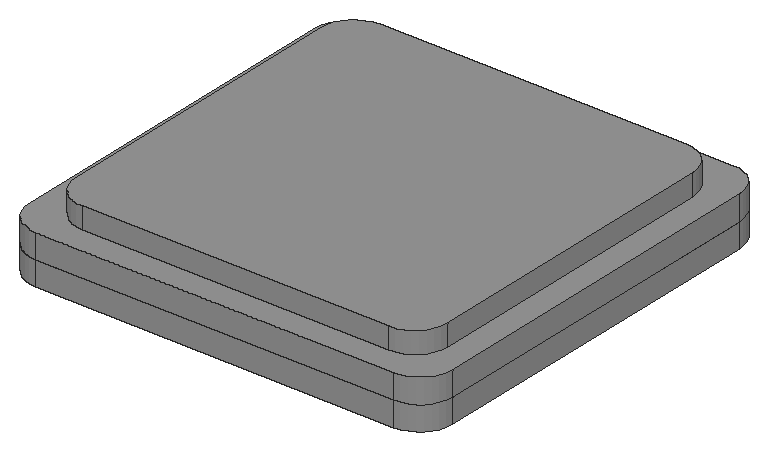
Revit family "FMS2_63_UN_Surface-mounted_ETK", category Lighting Fixtures, Revit 2019 (continued)
Definition of nested family "FMS.2 - Lightsource"
  Types (14, lengths in mm): name | Wattage Comments | Wattage | built-in parameter 1150134 | Photometric Web File | built-in parameter 1150142 | built-in parameter 1150105 | Lumens | built-in parameter 1150107 | built-in parameter 1150106 | Apparent Load
      06\t568.9656\t562.0968\t554.9418\t548.073\t541.2042\t534.0492\t527.1804\t519.1668\r\n511.4394\t503.9982\t496.2708\t488.5434\t480.816\t473.0886\t465.3612\t457.6338\t449.9064\t442.179\r\n434.4516\t426.7242\t418.9968\t411.2694\t403.542\t395.8146\t388.0872\t380.3598\t372.3462\t364.3326\r\n356.319\t348.3054\t340.2918\t332.5644\t324.5508\t316.5372\t308.5236\t300.7962\t292.7826\t284.8835\r\n276.9844\t269.0852\t261.1861\t253.3156\t245.4451\t237.5746\t230.391\t223.236\t216.081\t208.9546\r\n201.8282\t194.7019\t187.6041\t180.4777\t173.38\t166.2822\t159.1844\t152.1153\t145.0175\t137.9484\r\n130.9079\t123.8387\t116.7982\t107.6112\t94.7036\t81.796\t68.8597\t55.9521\t43.0445\t30.1369\r\n17.2264\t4.3159\t0\t0\t0\t0\t0\t0\t0\t0\r\n0\r\n985.1004\t983.9556\t982.5246\t981.666\t980.5212\t979.9488\t979.0902\t978.2316\t977.6592\t977.0868\r\n976.2282\t975.3696\t973.9386\t972.7938\t971.649\t970.5042\t969.3594\t968.2146\t967.0698\t965.6388\r\n964.494\t963.063\t961.632\t960.4872\t959.3424\t957.0528\t954.1908\t951.3288\t948.4668\t945.3186\r\n941.8842\t938.736\t935.5878\t932.7258\t929.8638\t927.0018\t923.8536\t920.7054\t917.271\t913.8366\r\n910.6884\t907.5402\t904.6782\t901.2438\t897.8094\t894.375\t890.6544\t887.5062\t884.0718\t879.4926\r\n875.1996\t870.3342\t865.4688\t860.8896\t856.0242\t850.8726\t846.0072\t841.1418\t836.2764\t831.411\r\n826.8318\t821.9664\t817.101\t812.2356\t807.3702\t802.2186\t797.3532\t792.4878\t787.6224\t782.757\r\n777.8916\t772.1676\t766.1574\t759.861\t753.5646\t747.5544\t741.258\t734.9616\t728.6652\t722.655\r\n716.3586\t710.0622\t703.7658\t697.4694\t690.8868\t684.5904\t678.294\t671.9976\t665.9874\t659.9772\r\n653.6808\t647.6706\t640.8018\t633.3606\t626.2056\t619.0506\t611.8956\t604.7406\t597.5856\t590.4306\r\n583.2756\t576.1206\t568.9656\t561.8106\t554.6556\t547.5006\t540.3456\t533.1906\t526.3218\t519.1668\r\n512.0118\t505.143\t497.4156\t489.6882\t481.9608\t474.2334\t466.2198\t458.4924\t450.4788\t442.7514\r\n435.024\t427.0104\t419.283\t411.2694\t403.542\t395.8146\t387.801\t380.0736\t372.3462\t364.6188\r\n356.8914\t348.8778\t340.8642\t332.8506\t324.837\t316.8234\t309.096\t301.0824\t293.355\t285.3986\r\n277.5281\t269.6863\t261.8444\t254.0311\t246.1892\t238.376\t230.5913\t222.9212\t215.852\t208.7543\r\n201.7138\t194.6446\t187.6041\t180.5636\t173.5517\t166.5398\t159.5279\t152.5446\t145.5613\t138.578\r\n131.6234\t124.6401\t117.7141\t110.7594\t101.1717\t88.2068\t75.242\t62.2771\t49.3123\t36.3474\r\n23.3682\t10.3976\t0\t0\t0\t0\t0\t0\t0\t0\r\n0\r\n985.1004\t983.9556\t982.5246\t981.666\t980.8074\t980.235\t979.3764\t978.804\t978.2316\t977.373\r\n976.5144\t975.0834\t973.9386\t972.7938\t971.649\t970.5042\t969.3594\t967.9284\t966.7836\t965.3526\r\n964.2078\t962.7768\t961.632\t960.201\t958.77\t957.339\t955.0494\t951.615\t948.4668\t945.6048\r\n943.029\t940.4532\t937.305\t933.8706\t930.7224\t927.288\t924.1398\t920.9916\t917.8434\t914.409\r\n910.9746\t907.5402\t904.1058\t900.6714\t897.237\t893.8026\t890.3682\t886.9338\t883.2132\t879.2064\r\n875.1996\t871.1928\t866.6136\t861.7482\t857.169\t852.3036\t847.4382\t842.5728\t837.4212\t832.2696\r\n827.118\t821.9664\t817.101\t811.9494\t807.084\t801.9324\t796.7808\t791.6292\t786.4776\t781.326\r\n776.4606\t771.309\t766.1574\t760.7196\t755.568\t748.9854\t742.689\t736.3926\t729.81\t723.5136\r\n717.2172\t710.9208\t704.6244\t698.0418\t691.4592\t684.8766\t678.5802\t671.9976\t665.415\t659.1186\r\n652.536\t645.9534\t639.3708\t633.0744\t626.4918\t620.1954\t613.3266\t606.4578\t599.3028\t591.8616\r\n584.4204\t577.2654\t569.8242\t562.383\t554.9418\t547.7868\t540.3456\t532.9044\t525.7494\t518.5944\r\n511.4394\t504.2844\t497.1294\t489.6882\t482.5332\t475.092\t467.0784\t459.0648\t451.3374\t443.3238\r\n435.5964\t427.5828\t419.8554\t411.8418\t404.1144\t396.1008\t388.3734\t380.646\t372.6324\t364.905\r\n357.1776\t349.164\t341.4366\t333.423\t325.6956\t317.682\t309.6684\t301.6548\t293.9274\t286.0283\r\n278.1292\t270.2873\t262.4454\t254.6321\t246.8475\t239.0629\t231.3068\t223.5508\t215.8234\t208.2105\r\n201.2272\t194.2439\t187.2893\t180.3632\t173.4372\t166.5398\t159.6424\t152.7736\t145.8761\t139.036\r\n132.1672\t125.327\t118.5154\t111.7039\t104.8923\t95.7053\t82.6259\t69.5752\t56.5245\t43.4738\r\n30.4231\t17.3781\t4.3273\t0\t0\t0\t0\t0\t0\t0\r\n0\r\n985.1004\t983.9556\t982.5246\t981.666\t981.0936\t980.5212\t979.6626\t979.0902\t978.5178\t977.6592\r\n976.5144\t975.0834\t973.9386\t972.7938\t971.649\t970.5042\t969.3594\t967.9284\t966.4974\t965.3526\r\n963.9216\t962.4906\t961.0596\t959.3424\t957.339\t955.3356\t953.6184\t952.1874\t951.0426\t948.1806\r\n944.7462\t941.598\t938.1636\t935.0154\t931.8672\t928.719\t925.2846\t921.8502\t918.1296\t914.6952\r\n910.9746\t907.5402\t904.1058\t900.6714\t896.9508\t892.944\t889.2234\t885.5028\t881.7822\t878.3478\r\n874.6272\t870.6204\t866.8998\t862.6068\t858.3138\t853.7346\t848.583\t843.7176\t838.566\t833.1282\r\n827.9766\t822.825\t817.6734\t812.5218\t807.6564\t801.9324\t796.4946\t791.0568\t785.619\t780.1812\r\n775.0296\t769.5918\t764.4402\t759.2886\t753.8508\t748.413\t742.689\t737.2512\t731.8134\t726.0894\r\n719.5068\t712.9242\t706.3416\t699.4728\t692.8902\t686.3076\t679.4388\t672.8562\t666.2736\t659.691\r\n652.8222\t646.2396\t639.3708\t632.502\t625.9194\t619.0506\t612.468\t606.1716\t599.3028\t592.7202\r\n585.8514\t578.124\t570.6828\t563.2416\t555.8004\t548.3592\t540.918\t533.4768\t526.3218\t518.8806\r\n511.4394\t503.9982\t496.557\t489.402\t481.9608\t474.5196\t467.0784\t459.9234\t452.4822\t445.041\r\n437.0274\t429.0138\t421.0002\t412.9866\t404.973\t396.9594\t388.9458\t380.9322\t373.2048\t365.1912\r\n357.4638\t349.4502\t341.4366\t333.7092\t325.6956\t317.9682\t309.9546\t301.941\t294.2136\t286.2\r\n278.4154\t270.6021\t262.7888\t255.0328\t247.2768\t239.5494\t231.8506\t224.1805\t216.5103\t208.8688\r\n201.2558\t193.6429\t186.7169\t179.9053\t173.0938\t166.3108\t159.5565\t152.8022\t146.0479\t139.3222\r\n132.6251\t125.928\t119.2309\t112.5625\t105.9226\t99.2828\t91.2406\t78.0467\t64.8529\t51.6877\r\n38.4939\t25.3144\t12.1292\t0\t0\t0\t0\t0\t0\t0\r\n0\r\n985.1004\t983.9556\t982.8108\t981.666\t981.3798\t980.8074\t980.235\t979.6626\t979.0902\t977.6592\r\n976.5144\t975.3696\t974.2248\t973.08\t971.9352\t970.7904\t969.3594\t967.9284\t966.4974\t965.0664\r\n963.6354\t962.2044\t960.201\t957.9114\t956.1942\t955.0494\t953.6184\t951.9012\t949.6116\t947.6082\r\n945.6048\t943.3152\t940.167\t937.0188\t933.5844\t929.8638\t926.1432\t922.4226\t918.9882\t915.5538\r\n912.1194\t908.3988\t904.392\t900.9576\t897.237\t893.5164\t889.5096\t885.789\t881.7822\t877.4892\r\n873.1962\t869.1894\t865.1826\t860.8896\t856.5966\t852.3036\t848.0106\t844.0038\t839.997\t835.704\r\n830.2662\t824.5422\t819.1044\t813.3804\t807.9426\t802.5048\t797.3532\t791.9154\t786.4776\t781.0398\r\n775.3158\t769.878\t764.154\t758.7162\t752.9922\t747.2682\t741.5442\t735.8202\t730.0962\t724.3722\r\n718.6482\t712.9242\t707.2002\t701.4762\t695.7522\t688.5972\t681.4422\t674.2872\t667.4184\t660.8358\r\n654.2532\t647.3844\t640.5156\t633.3606\t626.4918\t619.3368\t612.468\t605.313\t598.4442\t591.5754\r\n584.7066\t577.8378\t570.6828\t563.814\t556.9452\t550.0764\t542.349\t534.9078\t527.4666\t519.7392\r\n512.298\t504.5706\t496.8432\t489.1158\t481.3884\t473.9472\t466.506\t459.0648\t451.6236\t444.1824\r\n436.7412\t429.3\t421.8588\t414.4176\t406.404\t398.1042\t390.0906\t382.077\t374.0634\t366.0498\r\n358.0362\t350.0226\t342.009\t333.9954\t325.9818\t318.2544\t310.2408\t302.5134\t294.4998\t286.7724\r\n278.9019\t271.0886\t263.304\t255.548\t247.8492\t240.1504\t232.4803\t224.8387\t217.1972\t209.6129\r\n202.0572\t194.5301\t187.0317\t179.5619\t172.3783\t165.7098\t159.0413\t152.4301\t145.8189\t139.2363\r\n132.6823\t126.157\t119.6316\t113.1349\t106.6381\t100.17\t93.7305\t87.291\t74.412\t61.0178\r\n47.6523\t34.2868\t20.9069\t7.5271\t0\t0\t0\t0\t0\t0\r\n0\r\n985.1004\t983.9556\t982.8108\t981.9522\t981.666\t981.0936\t980.5212\t980.235\t979.0902\t977.9454\r\n976.8006\t975.6558\t974.511\t973.3662\t972.2214\t971.0766\t969.6456\t968.2146\t966.7836\t965.3526\r\n963.3492\t961.3458\t959.3424\t957.9114\t956.4804\t954.7632\t952.7598\t950.4702\t948.4668\t946.4634\r\n944.46\t942.4566\t940.167\t937.305\t934.443\t931.2948\t927.8604\t924.7122\t920.9916\t917.271\r\n913.5504\t909.8298\t906.1092\t902.1024\t898.0956\t894.0888\t890.082\t885.789\t881.7822\t877.4892\r\n873.4824\t868.9032\t864.6102\t860.3172\t856.3104\t851.7312\t847.152\t842.5728\t837.9936\t833.1282\r\n828.549\t823.9698\t819.6768\t815.0976\t810.5184\t805.653\t799.929\t794.205\t788.1948\t782.4708\r\n776.7468\t771.0228\t765.0126\t759.2886\t752.9922\t746.982\t741.258\t735.2478\t729.5238\t723.2274\r\n717.2172\t711.207\t705.483\t699.759\t693.7488\t687.4524\t681.4422\t675.1458\t668.8494\t662.553\r\n656.2566\t649.674\t642.519\t635.364\t628.209\t621.054\t613.899\t606.744\t599.589\t592.7202\r\n585.5652\t578.124\t570.6828\t563.2416\t556.0866\t548.9316\t542.0628\t534.9078\t527.7528\t520.5978\r\n513.1566\t506.0016\t498.2742\t490.5468\t482.8194\t475.092\t467.3646\t459.351\t451.6236\t443.8962\r\n436.1688\t428.7276\t421.0002\t413.559\t405.8316\t398.1042\t390.663\t382.9356\t375.4944\t367.767\r\n359.4672\t351.1674\t343.1538\t335.1402\t326.8404\t318.8268\t310.8132\t302.7996\t295.0722\t287.0586\r\n279.1309\t271.3176\t263.533\t255.7769\t248.0782\t240.408\t232.7665\t225.1822\t217.6265\t210.128\r\n202.6582\t195.217\t187.8331\t180.4777\t173.151\t165.8529\t158.612\t151.8291\t145.361\t138.9501\r\n132.5392\t126.157\t119.8033\t113.4783\t107.1533\t100.8569\t94.5891\t88.3499\t82.1394\t71.8362\r\n58.1558\t44.5041\t30.8237\t17.1548\t3.4802\t0\t0\t0\t0\t0\r\n0\r\n985.1004\t983.9556\t982.8108\t982.2384\t981.9522\t981.3798\t981.0936\t980.5212\t979.3764\t978.2316\r\n977.0868\t975.942\t974.7972\t973.6524\t972.5076\t971.0766\t969.6456\t968.2146\t966.7836\t965.0664\r\n963.063\t961.0596\t959.6286\t958.1976\t956.1942\t954.1908\t951.9012\t949.8978\t947.8944\t945.6048\r\n943.6014\t940.7394\t938.1636\t935.5878\t933.2982\t930.7224\t928.1466\t925.5708\t922.7088\t919.8468\r\n916.1262\t912.1194\t907.8264\t904.1058\t900.099\t895.806\t891.513\t887.5062\t883.2132\t878.634\r\n874.341\t870.048\t865.4688\t860.8896\t856.3104\t851.7312\t846.8658\t842.2866\t837.7074\t832.842\r\n828.2628\t823.6836\t818.532\t813.6666\t808.515\t803.6496\t798.498\t793.3464\t788.481\t783.0432\r\n777.6054\t772.1676\t767.016\t761.292\t755.2818\t748.9854\t742.9752\t736.965\t731.241\t724.6584\r\n718.0758\t711.7794\t705.483\t699.1866\t692.604\t686.0214\t679.725\t673.4286\t667.4184\t660.8358\r\n654.2532\t647.9568\t641.6604\t635.364\t628.7814\t622.1988\t615.33\t608.7474\t602.1648\t595.0098\r\n587.8548\t580.4136\t572.9724\t565.245\t557.8038\t550.3626\t542.6352\t535.194\t527.7528\t520.0254\r\n512.5842\t505.4292\t498.2742\t490.5468\t482.8194\t475.3782\t467.937\t460.4958\t453.3408\t445.6134\r\n437.5998\t429.5862\t421.5726\t413.559\t405.5454\t397.5318\t389.8044\t381.7908\t374.0634\t366.6222\r\n358.8948\t351.4536\t343.7262\t335.9988\t328.2714\t320.2578\t312.2442\t303.9444\t295.9308\t287.9172\r\n279.9036\t271.9472\t264.0481\t256.2349\t248.4788\t240.7801\t233.1099\t225.5256\t217.9413\t210.4715\r\n203.0589\t195.6749\t188.3482\t181.0787\t173.8379\t166.6256\t159.4993\t152.4015\t145.361\t138.3491\r\n131.8237\t125.6132\t119.4313\t113.278\t107.1533\t101.0858\t95.047\t89.0082\t83.0266\t77.045\r\n70.4624\t56.3528\t42.2431\t28.1277\t14.0009\t0\t0\t0\t0\t0\r\n0\r\n985.1004\t983.9556\t982.8108\t982.5246\t982.2384\t981.666\t981.3798\t980.8074\t979.6626\t978.5178\r\n977.373\t976.2282\t975.3696\t974.2248\t973.08\t971.649\t970.218\t968.787\t967.0698\t965.0664\r\n963.063\t961.632\t960.201\t958.1976\t955.908\t953.9046\t951.9012\t949.6116\t947.322\t945.0324\r\n942.4566\t939.8808\t937.305\t935.0154\t932.4396\t929.5776\t927.0018\t924.1398\t921.2778\t917.8434\r\n914.6952\t911.547\t908.3988\t905.2506\t901.8162\t898.3818\t894.375\t890.082\t885.5028\t881.2098\r\n876.6306\t872.0514\t867.4722\t862.893\t858.0276\t853.4484\t848.583\t843.7176\t838.8522\t833.9868\r\n829.1214\t823.9698\t818.8182\t813.3804\t808.2288\t802.791\t797.6394\t792.4878\t787.05\t781.6122\r\n776.1744\t770.7366\t765.2988\t760.1472\t754.7094\t748.6992\t742.9752\t737.2512\t731.8134\t725.8032\r\n719.793\t713.4966\t707.7726\t701.4762\t694.6074\t687.7386\t680.8698\t674.5734\t668.277\t661.4082\r\n654.8256\t647.9568\t640.8018\t633.933\t627.3504\t620.4816\t613.899\t607.0302\t600.1614\t593.2926\r\n586.4238\t579.555\t572.6862\t565.8174\t558.9486\t552.0798\t545.211\t538.3422\t530.901\t523.1736\r\n515.4462\t507.7188\t499.7052\t491.6916\t483.9642\t475.9506\t468.2232\t460.4958\t452.7684\t445.041\r\n437.3136\t429.8724\t422.145\t414.1314\t406.404\t398.6766\t391.2354\t383.2218\t375.2082\t367.1946\r\n359.181\t351.1674\t343.44\t335.4264\t327.4128\t319.6854\t311.958\t304.2306\t296.5032\t288.7758\r\n281.1056\t273.55\t265.4505\t257.4083\t249.4233\t241.5242\t233.6537\t225.9263\t218.2561\t210.6718\r\n203.1448\t195.6749\t188.2624\t180.9929\t173.8379\t166.7687\t159.7855\t152.8594\t146.0192\t139.2077\r\n132.482\t125.7849\t119.1451\t112.8487\t106.8671\t100.9427\t95.0756\t89.2658\t83.4845\t77.7319\r\n72.0079\t66.3125\t55.8376\t41.0411\t26.2102\t11.3679\t0\t0\t0\t0\r\n0\r\n985.1004\t983.9556\t982.8108\t982.5246\t982.5246\t982.2384\t981.9522\t981.0936\t979.9488\t979.0902\r\n977.9454\t976.8006\t975.942\t975.0834\t973.3662\t972.2214\t970.7904\t969.3594\t967.356\t965.3526\r\n963.6354\t962.2044\t960.201\t958.1976\t956.1942\t953.9046\t951.9012\t949.6116\t947.322\t944.7462\r\n942.1704\t939.8808\t937.5912\t934.7292\t931.8672\t929.0052\t926.1432\t922.995\t919.8468\t916.6986\r\n913.2642\t910.116\t906.6816\t903.5334\t899.8128\t896.3784\t892.6578\t888.651\t884.9304\t881.2098\r\n877.203\t873.4824\t869.1894\t865.1826\t860.8896\t856.5966\t851.7312\t846.5796\t841.7142\t836.5626\r\n831.411\t825.687\t820.2492\t815.3838\t810.2322\t805.0806\t799.3566\t793.9188\t788.481\t782.757\r\n777.033\t771.5952\t765.8712\t760.1472\t754.4232\t748.6992\t742.4028\t736.1064\t730.0962\t724.3722\r\n718.362\t711.7794\t705.483\t699.759\t693.7488\t687.4524\t681.4422\t674.8596\t668.5632\t661.9806\r\n655.6842\t649.3878\t642.8052\t636.5088\t629.64\t622.485\t615.33\t608.4612\t601.3062\t594.1512\r\n586.71\t579.555\t572.1138\t564.9588\t557.8038\t550.6488\t543.4938\t536.0526\t528.6114\t521.1702\r\n514.0152\t506.8602\t499.7052\t492.264\t484.8228\t477.6678\t470.5128\t463.0716\t455.9166\t448.4754\r\n440.1756\t431.8758\t423.8622\t415.5624\t407.5488\t399.8214\t391.8078\t383.7942\t375.4944\t367.4808\r\n359.4672\t351.4536\t343.7262\t335.9988\t328.2714\t320.544\t312.5304\t304.5168\t296.5032\t288.4896\r\n280.5905\t272.72\t264.9067\t257.2079\t249.4519\t241.8104\t234.2833\t226.8994\t219.6299\t211.9025\r\n204.2037\t196.5622\t189.0351\t181.5939\t174.2958\t167.0836\t159.9572\t152.9453\t146.0479\t139.3222\r\n132.6537\t126.0425\t119.5171\t113.1062\t106.724\t100.4276\t94.3315\t88.722\t83.1983\t77.7319\r\n72.2941\t66.9136\t61.5616\t56.2383\t41.2987\t25.2629\t9.2013\t0\t0\t0\r\n0\r\n985.1004\t983.9556\t983.097\t982.8108\t982.8108\t982.5246\t982.2384\t981.666\t980.5212\t979.3764\r\n978.5178\t977.6592\t976.8006\t975.6558\t974.2248\t972.7938\t971.3628\t969.9318\t967.9284\t965.925\r\n964.494\t962.7768\t960.7734\t958.77\t956.4804\t954.477\t952.4736\t950.184\t947.6082\t945.3186\r\n942.7428\t940.4532\t937.5912\t935.0154\t932.1534\t929.2914\t926.1432\t922.7088\t919.5606\t916.1262\r\n912.978\t909.8298\t906.3954\t902.6748\t898.9542\t895.2336\t891.2268\t887.5062\t883.4994\t879.4926\r\n875.4858\t871.1928\t867.186\t862.893\t858.6\t854.307\t850.014\t845.4348\t840.8556\t835.704\r\n830.5524\t825.9732\t821.9664\t817.101\t812.2356\t807.084\t802.2186\t797.067\t791.6292\t786.1914\r\n780.7536\t775.0296\t769.3056\t763.2954\t756.7128\t750.4164\t744.4062\t738.6822\t732.3858\t725.8032\r\n719.793\t713.4966\t707.2002\t700.9038\t694.6074\t688.0248\t681.7284\t675.1458\t668.5632\t661.9806\r\n655.1118\t648.5292\t641.9466\t635.0778\t628.4952\t621.6264\t614.7576\t607.8888\t601.02\t593.865\r\n586.9962\t579.8412\t573.2586\t566.1036\t558.9486\t551.7936\t544.6386\t537.4836\t530.0424\t522.8874\r\n515.4462\t508.005\t500.2776\t492.5502\t484.8228\t477.0954\t469.368\t461.6406\t453.9132\t446.472\r\n438.7446\t431.0172\t423.0036\t414.99\t407.5488\t399.8214\t392.094\t384.6528\t376.9254\t369.4842\r\n361.7568\t354.0294\t346.302\t338.0022\t329.7024\t321.4026\t313.389\t305.0892\t297.0756\t288.7758\r\n280.9625\t273.1779\t265.4791\t257.6659\t249.9098\t242.2397\t234.5409\t226.6418\t218.9144\t211.3301\r\n203.8316\t196.4191\t189.121\t181.9087\t174.8396\t167.9135\t160.8444\t153.718\t146.7061\t139.8087\r\n133.0544\t126.4432\t119.9464\t113.5069\t107.2678\t101.1145\t95.0756\t89.1513\t83.3128\t77.5602\r\n72.2369\t67.0567\t61.9337\t56.8966\t51.8881\t43.9317\t25.7237\t7.4355\t0\t0\r\n0\r\n985.1004\t984.2418\t983.097\t983.097\t983.097\t983.097\t982.8108\t981.9522\t981.0936\t979.9488\r\n979.0902\t978.2316\t977.6592\t976.2282\t974.7972\t973.6524\t972.2214\t970.5042\t968.787\t967.0698\r\n965.6388\t963.6354\t961.632\t959.6286\t957.6252\t955.3356\t953.3322\t951.0426\t948.753\t946.4634\r\n943.8876\t941.3118\t938.4498\t935.874\t933.012\t929.8638\t926.7156\t923.2812\t920.133\t916.6986\r\n913.5504\t910.4022\t906.6816\t902.961\t899.2404\t895.2336\t891.513\t887.5062\t883.4994\t879.2064\r\n874.9134\t870.9066\t866.6136\t862.3206\t858.0276\t853.7346\t848.8692\t844.29\t839.1384\t833.9868\r\n829.4076\t824.8284\t819.963\t815.0976\t809.946\t805.0806\t799.6428\t794.205\t789.0534\t783.9018\r\n778.464\t773.0262\t767.3022\t761.292\t755.568\t749.844\t744.12\t738.396\t732.3858\t726.6618\r\n720.6516\t714.6414\t708.6312\t702.9072\t697.1832\t690.8868\t684.5904\t678.0078\t671.7114\t665.7012\r\n659.4048\t652.8222\t645.6672\t638.5122\t631.6434\t624.7746\t617.9058\t610.7508\t603.3096\t596.4408\r\n589.572\t581.8446\t574.4034\t567.2484\t560.3796\t552.6522\t544.9248\t537.4836\t530.0424\t522.6012\r\n515.16\t507.4326\t499.9914\t492.5502\t485.109\t477.3816\t469.6542\t462.213\t454.4856\t446.472\r\n439.0308\t431.3034\t423.576\t415.8486\t408.1212\t400.3938\t392.6664\t384.939\t377.2116\t369.7704\r\n361.4706\t353.457\t345.1572\t337.1436\t329.13\t321.1164\t313.1028\t305.0892\t297.0756\t289.3482\r\n281.5063\t273.7503\t266.0515\t258.41\t250.8543\t243.3559\t235.9719\t228.33
      04\t220.3454\t212.389\r\n204.5471\t197.0201\t189.5789\t182.2235\t174.9827\t167.8277\t160.7872\t153.7466\t146.7347\t139.8946\r\n133.2261\t126.7294\t120.433\t114.2797\t108.0119\t101.7155\t95.5908\t89.5806\t83.7421\t78.0754\r\n72.5517\t67.1998\t61.9909\t56.9824\t52.3746\t47.9099\t43.5024\t29.5358\t6.1018\t0\r\n0\r\n985.1004\t984.2418\t983.097\t983.3832\t983.3832\t983.3832\t983.3832\t982.5246\t981.666\t980.5212\r\n979.6626\t979.0902\t978.5178\t977.0868\t975.6558\t974.511\t973.3662\t971.649\t969.6456\t968.2146\r\n966.7836\t964.7802\t962.7768\t960.7734\t958.77\t956.7666\t954.477\t952.4736\t950.184\t947.8944\r\n945.6048\t943.029\t940.167\t937.305\t934.443\t931.2948\t928.1466\t924.9984\t921.564\t918.4158\r\n915.5538\t911.8332\t908.1126\t904.392\t900.6714\t896.9508\t892.944\t888.9372\t884.6442\t880.3512\r\n876.3444\t872.0514\t867.7584\t863.7516\t859.4586\t854.5932\t850.014\t844.8624\t839.7108\t834.8454\r\n830.2662\t825.4008\t820.8216\t815.67\t810.5184\t805.3668\t799.929\t794.4912\t789.3396\t783.9018\r\n778.1778\t772.4538\t766.7298\t761.0058\t754.9956\t749.2716\t743.5476\t737.8236\t731.8134\t725.517\r\n719.5068\t713.4966\t707.4864\t701.4762\t695.1798\t688.8834\t682.3008\t676.0044\t669.4218\t662.8392\r\n655.9704\t649.3878\t642.8052\t636.2226\t629.64\t623.0574\t615.9024\t609.0336\t602.1648\t595.296\r\n588.141\t581.2722\t574.4034\t567.2484\t559.8072\t552.366\t545.211\t538.056\t530.6148\t523.4598\r\n516.0186\t508.8636\t501.4224\t493.9812\t486.54\t479.0988\t471.6576\t464.2164\t456.2028\t448.4754\r\n441.0342\t433.3068\t425.8656\t418.1382\t410.1246\t402.3972\t394.6698\t386.9424\t378.9288\t370.9152\r\n362.9016\t354.888\t346.8744\t338.5746\t330.561\t322.2612\t314.2476\t305.9478\t297.9342\t289.9206\r\n282.1073\t274.2655\t266.2232\t258.1524\t250.3391\t242.6404\t234.9702\t227.3287\t219.6871\t212.0456\r\n204.5185\t197.1059\t189.7792\t182.6528\t175.2975\t168.028\t160.8444\t153.7753\t146.792\t140.1808\r\n133.684\t127.3018\t121.0912\t114.9093\t108.2695\t101.7727\t95.5336\t89.5234\t83.7994\t78.0754\r\n72.5803\t67.3715\t62.2771\t57.1255\t52.2029\t47.7382\t43.6455\t40.4973\t37.9215\t5.3577\r\n0" | 222.82 (stored number, unit not read) | 2800 lm | 4000 (stored number, unit not read) | 2.2282 (stored number, unit not read) | 38 VA
